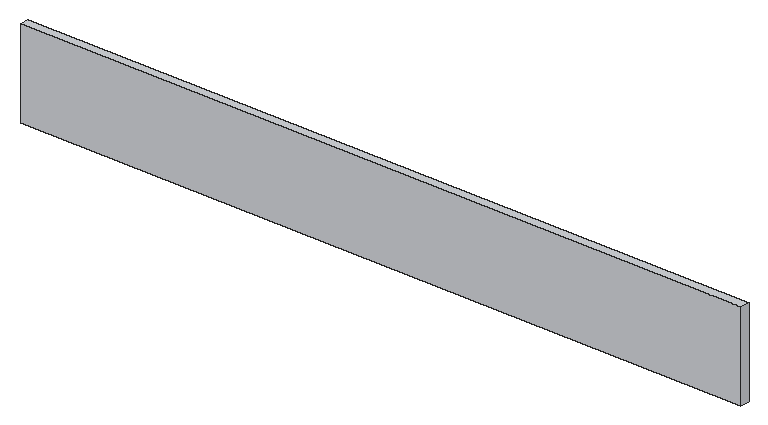
Revit family "StructuralFraming_Rectangle", category Structural Framing, Revit 2018
Family settings
  Structural Framing Length Roundoff = 1 mm
  Section Shape = Rectangle
  Material for Model Behavior = Steel
  Always export as geometry = No
  Always vertical = Yes
  Cut with Voids When Loaded = No
  Symbolic Representation = From Project Settings
  Shared = No
  Show family pre-cut in plan views = Yes
Parameters
  Width = 0 mm
  Warping Constant = (empty or 0)
  Torsional Moment of Inertia = 0 cm⁴
  Torsional Modulus = 0 cm³
  Structural Material [instance] = none
  Shear Area weak axis = 0.0 cm²
  Shear Area strong axis = 0.0 cm²
  Section Area = 0.0 cm²
  Principal Axes Angle = 0.00°
  Plastic Modulus weak axis = 0 cm³
  Plastic Modulus strong axis = 0 cm³
  Perimeter = (empty or 0)
  Nominal Weight = 0 N/m
  Moment of Inertia weak axis = 0 cm⁴
  Moment of Inertia strong axis = 0 cm⁴
  Length [instance] = 1500 mm
  Keynote = "G10"
  Height = 0 mm
  Elastic Modulus weak axis = 0 cm³
  Elastic Modulus strong axis = 0 cm³
  Centroid Vertical = 0 mm
  Centroid Horizontal = 0 mm
Reference planes
  plane 1 "Center (Front/Back)": y = 0
  plane 2: z = 0
  plane 3 "Center (Left/Right)": x = 4.61
  plane 4 "Member Left": x = -604.99
  plane 5 "Member Right": x = 614.21
  plane 6: y = 7.5
  plane 7: y = -7.5
  plane 8 "Top": z = 75
  plane 9: z = -75
  plane 10 "Left": x = -757.39
  plane 11 "Right": x = 742.61
Forms (mm)
  Sweep 1, solid, material <- "Structural Material", detail levels medium+fine
    path origin (0, 0, 0) x (1, 0, 0) y (0, 1, 0)
      loop
        line (614.21, 0) -> (-604.99, 0)
    profile "M_Rectangular Beam-Profile : M_Rectangular Beam-Profile" origin (4.61, 0, 0) x (0, -1, 0) y (0, 0, 1)
      loop
        line (-7.5, -75) -> (7.5, -75) -> (7.5, 75) -> (-7.5, 75) -> (-7.5, -75)
Lines and regions (mm)
  symbolic lines, style "Stick Symbols", detail levels coarse
    curve 1: line (4.61, 7.5, 75) -> (4.61, -7.5, 75)
    curve 2: line (4.61, 7.5, -75) -> (4.61, 7.5, 75)
    curve 3: line (4.61, -7.5, -75) -> (4.61, 7.5, -75)
    curve 4: line (4.61, -7.5, 75) -> (4.61, -7.5, -75)
Dimensions and locks
  plane 6 to plane 7 = 15 mm
  plane 9 to plane 8 "Top" = 150 mm
  equal spacing: plane 9, plane 2, plane 8 "Top"
  equal spacing: plane 6, plane 1 "Center (Front/Back)", plane 7
  "Length": plane 10 "Left" to plane 11 "Right"
  aligned and locked: Sweep 1 sketch curve to plane 1 "Center (Front/Back)"
  aligned and locked: curve 1 to Sweep 1
  aligned and locked: curve 2 to Sweep 1
  aligned and locked: curve 3 to Sweep 1
  aligned and locked: curve 4 to Sweep 1
  aligned and locked: plane 4 "Member Left" to Sweep 1 sketch curve
  aligned and locked: plane 5 "Member Right" to Sweep 1 sketch curve
